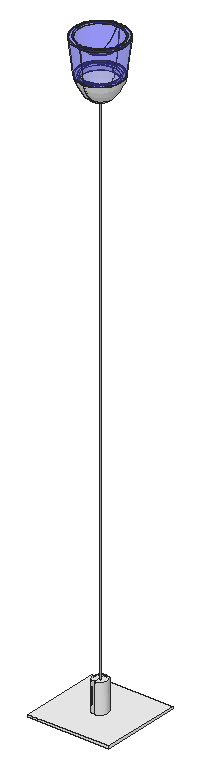
Revit family "BE_56568.1_de_DE", category Leuchten, Revit 2020
Family settings
  Basisbauteil = Fläche
  Bemaßung runder Anschluss = Durchmesser verwenden
  Teiletyp = Normal
  Beim Laden mit Abzugskörper schneiden = Ja
  Lichtquelle = Ja
  Gemeinsam genutzt = Nein
  Raumberechnungspunkt = Ja
Parameters (values of type "BEGA_56568.1_K3")
  built-in parameter 1150104 = 11.622 (stored number, unit not read)
  Wattage = 25.3 W
  Default Elevation = 0 mm
  built-in parameter 1150113 = 1 (stored number, unit not read)
  built-in parameter 1114218 = 1 (stored number, unit not read)
  Umgebungstemperatur = "25 °C"
  URL = "http://www.bega.de/de/produkt/56568.1"
  Typenkommentare = "© 2022 BEGA. Wir behalten uns das Recht vor, technische Änderungen ohne vorherige Ankündigung vorzunehmen."  # constant formula
  built-in parameter 1150134 = 12
  built-in parameter 1150109 = 1 (stored number, unit not read)
  Strom = ""
  built-in parameter 1150110 = 1 (stored number, unit not read)
  Spannung = 239.996 V
  Sonderanfertigung = no
  Seriennummer [instance] = "Hier können Sie die eindeutige Seriennummer für das Facility Management eintragen."
  Schutzklasse = "I"
  Schutzart = "IP 20"
  Scheinlast = 0 VA
  Produktdatenblatt = "http://www.bega.de/download/Xrfa/db/56568.1.db.de.pdf"
  Oberflächentemperatur = ""
  Neigungswinkel = 0.00°
  Model = "56568.1K4"
  Material_18 = BEGA_Gummi_schwarz
  Material_17 = BEGA_Reflektor
  Material_15 = BEGA_Leuchtmedium_matt
  Material_11 = BEGA_Glas_opal
  Material_10 = BEGA_Glas_matt
  Material_09 = BEGA_Glas_klar
  Material_06 = BEGA_Oberfläche_Edelstahl_gebürstet
  Material_05 = BEGA_Oberfläche_Aluminium Guss
  Material_03 = BEGA_Oberfläche_Weiss_matt
  Material_02 = BEGA_Oberfläche_Silber_matt
  Material_01 [instance] = BEGA_Oberfläche_Grafit_matt
  M_W = no
  M_G = no
  M_A = no
  Logo = 0
  built-in parameter 1114217 = 1 (stored number, unit not read)
  built-in parameter 1150139 = (empty or 0)
  built-in parameter 1150105 = 251.87 (stored number, unit not read)
  built-in parameter 1150114 = 1 (stored number, unit not read)
  Lumens = 3165.03 lm
  built-in parameter 1150115 = 1 (stored number, unit not read)
  Leuchtenlichtstrom = "2207 lm"
  Leuchtenanzahl = ""
  Lebensdauerkriterien = "L70B50 @ 25 °C = 500000 h"
  Lastklassifizierung = Beleuchtung
  built-in parameter 1150112 = 1 (stored number, unit not read)
  Lampenlichtstrom = "2830 lm"
  Lampe = "LED 17.7 W"
  LED_Modulbezeichnung = "LED-0327/940"
  Hersteller = "BEGA"  # constant formula
  Halbstreuwinkel = ""
  Gewicht = "3.6 kg"
  Gebrauchslageneinschränkung [instance] = ""
  Frequenz = "0/50-60 Hz"
  Farbwiedergabeindex = "CRI > 90"
  Farbtemperaturverschiebung bei Dämpfen der Lampe = <Keine Auswahl>
  Farbtemperatur = "4000 K"
  Color Filter = 16777215
  built-in parameter 1150133 = 10 (stored number, unit not read)
  Energieeffizienzklasse = "LED A++ - A"
  built-in parameter 1150137 = (empty or 0)
  built-in parameter 1150132 = (empty or 0)
  ENEC = "ja"
  Dimmbar [instance] = "DALI"
  Photometric Web File = "BE_56568.1K4.IES"
  CE_Konformität = "ja"
  Bestellnummer = "56568.1K4"
  Beschreibung_Sonderanfertigung = "Hier können Sie Informationen zur Sonderanfertigung eintragen."
  Beschreibung = "Pendelleuchte"
  built-in parameter 1150106 = 2.5187 (stored number, unit not read)
  Befestigungsbohrung = ""
  Befestigungsabstand = ""
  Ballwurfsicher = ""
  BEGA_Intern_aus = yes
  BEGA_Intern_an = yes
  BEGA_Intern_Konstruktion = yes
  BEGA_Intern = yes
  BEGA_IES = yes
  BEGA_Dummy = no
  Anschlussleitung = ""
  Anschlussleistung [instance] = "20 W"
  Anschlusskasten = ""
  built-in parameter 1150107 = 4000 (stored number, unit not read)
  built-in parameter 1150102 = (empty or 0)
  built-in parameter 1150138 = (empty or 0)
  Aktualisierung = "2019-07-09T04:00:12"
  Abstand_zur_angestrahlten_Fläche [instance] = ""
  AC/DC = "AC/DC"
Reference planes
  plane 1 "Mitte (Vorne/Hinten)": y = 0
  plane 2: z = 0
  plane 3 "Mitte (Links/Rechts)": x = 0
  plane 4 "Links": x = -126.649
  plane 5 "Rechts": x = 126.649
  plane 6 "Unten": y = -126.649
  plane 7 "Oben": y = 126.649
  plane 8 "Vorne": z = 3000
  plane 9 "Hinten": z = 0
Forms (mm)
  Extrusion 1, solid, material "BEGA_Platte_Weiss"
    sketch origin (0, -1119.2, 0) x (1, 0, 0) y (0, 1, 0)
      loop
        line (-200, 1319.2) -> (-200, 919.2) -> (200, 919.2) -> (200, 1319.2) -> (-200, 1319.2)
    from 0 to -10
  Extrusion 2, solid, material "BEGA_Dummy_matt", visible <- "BEGA_Dummy"
    sketch origin (77.149, -76.023, 0) x (1, 0, 0) y (0, 1, 0)
      loop
        circle (-77.149, 76.023) r 126.655
    from 0 to 3000
Dimensions and locks
  plane 1 "Mitte (Vorne/Hinten)" to Extrusion 1 = 200 mm
  aligned and locked: plane 2 to Extrusion 1
  aligned and locked: level to Extrusion 1
Nested families
  nested 1: "BE_56568.1" at (0, 0, 0), type "BE_56568.1"
Connectors
  electrical at (0, 0, 0), driven by "Lastklassifizierung", driven by "Spannung", driven by "Scheinlast"
    settings: index 1, voltage 239.996 V, apparent load 0 VA, apparent load phase1 0 VA, apparent load phase2 0 VA, apparent load phase3 0 VA, power factor 1, load classification "Beleuchtung", number of poles 1, system type 31, power factor state 1, is connector primary yes, connector utility no, sub classification motor no, connector description ""
Definition of nested family "BE_56568.1"
  Parameters (values of type "BE_56568.1")
    Default Elevation = 1 mm
    URL = "http://www.bega.de/de/produkt"
    Type Comments = "© 2015 BEGA. Wir behalten uns das Recht vor, technische Änderungen ohne vorherige Ankündigung vorzunehmen. "  # constant formula
    Type Image = (empty or 0)
    Neigungswinkel_um_Z2 = 0.00°
    Neigungswinkel_um_Z1 = 0.00°
    Neigungswinkel_um_Y2 = 0.00°
    Neigungswinkel_um_Y1 = 0.00°
    Neigungswinkel_um_X2 = 0.00°
    Neigungswinkel_um_X1 = 0.00°
    Material_18 = none
    Material_17 = none
    Material_15 = none
    Material_11 = none
    Material_10 = none
    Material_09 = none
    Material_06 = none
    Material_05 = none
    Material_03 = none
    Material_02 = none
    Material_01 = none
    M_W = yes
    M_G = yes
    M_A = yes
    Länge_Platte = 300 mm  # constant formula
    Höhe_Platte = -10 mm  # constant formula
    Manufacturer = "BEGA"  # constant formula
    Drehwinkel_um_Z2 = 0.00°
    Drehwinkel_um_Z1 = 0.00°
    Breite_Platte = 300 mm  # constant formula
  Reference planes
    plane 1 "Mitte (Oben/Unten)": y = 0
    plane 2: z = 0
    plane 3 "Mitte (Links/Rechts)": x = 0
    plane 4: z = 3000
    plane 5: y = 126.649
    plane 6: y = -126.649
    plane 7: x = -126.649
    plane 8: x = 126.649
  Forms (mm)
    Extrusion 1, solid, detail levels medium
      sketch origin (0, 0, 0) x (1, 0, 0) y (0, 1, 0)
        loop
          line (-150, 150) -> (-150, -150) -> (150, -150) -> (150, 150) -> (-150, 150)
      from 0 to -10 <- "Höhe_Platte"
    Revolve 2, solid, material <- "Material_03", detail levels medium+fine
      sketch origin (0, 0, 0) x (0, 1, 0) y (0, 0, 1)
        loop
          line (-36.248, 0.5) -> (-34, 0.5) -> (-34, 2.676) -> (-32.481, 2.729) -> (-31.3, 138.025)
          arc (-31.3, 138.025) -> (-30.705, 139.423) -> (-29.3, 140) r 2
          line (-29.3, 140) -> (0, 140) -> (0, 143.501)
          arc (0, 143.501) -> (-17.512, 143.245) -> (-35.009, 142.479) r 600
          line (-35.009, 142.479) -> (-36.248, 0.5)
        axis (0, 0.5) -> (0, 143.501)
      angle from 0 to 360
    Revolve 3, solid, material <- "Material_05", detail levels medium+fine
      sketch origin (0, 0, 0) x (0, 1, 0) y (0, 0, 1)
        loop
          line (-32.14, 2) -> (-32.175, 1) -> (-33.765, 1) -> (-33.8, 0) -> (0, 0) -> (0, 2) -> (-32.14, 2)
        axis (0, 0) -> (0, 2)
      angle from 0 to 360
    Extrusion 4, void
      sketch origin (0, 0, 0) x (1, 0, 0) y (0, 1, 0)
        loop
          arc (-9.887, 12.652) -> (-16.053, -0.003) -> (-9.876, -12.652) r 16.053
          line (-9.876, -12.652) -> (9.484, -12.652)
          arc (9.484, -12.652) -> (15.815, -0.003) -> (9.495, 12.652) r 15.815
          line (9.495, 12.652) -> (-9.887, 12.652)
        loop
          circle (-0.016, 25) r 2.25
        loop
          circle (-0.016, -25) r 2.25
      from 0 to 3.541
    Revolve 5, solid, material <- "Material_11", detail levels medium+fine
      sketch origin (0, 0, 0) x (0, 1, 0) y (0, 0, 1)
        loop
          arc (-126.649, 2993.73) -> (-120.126, 2910.345) -> (-105.38, 2828.015) r 843.787
          arc (-105.38, 2828.015) -> (-105.045, 2827.51) -> (-104.48, 2827.291) r 1
          line (-104.48, 2827.291) -> (-89.395, 2826.5) -> (-84, 2799.5) -> (-79, 2799.5) -> (-79, 2824.325)
          arc (-79, 2824.325) -> (-80.934, 2829.15) -> (-85.661, 2831.311) r 7
          line (-85.661, 2831.311) -> (-102.23, 2832.18)
          arc (-102.23, 2832.18) -> (-116.42, 2912.904) -> (-122.674, 2994.627) r 839.787
          arc (-122.674, 2994.627) -> (-122.194, 2995.605) -> (-121.179, 2996) r 1.5
          line (-121.179, 2996) -> (-108.528, 2996)
          arc (-108.528, 2996) -> (-106.905, 2995.52) -> (-105.799, 2994.237) r 3
          arc (-105.799, 2994.237) -> (-62.948, 2944.539) -> (0, 2926) r 116.138
          line (0, 2926) -> (0, 2930)
          arc (0, 2930) -> (-60.527, 2947.738) -> (-101.905, 2995.339) r 112.138
          arc (-101.905, 2995.339) -> (-104.863, 2998.735) -> (-109.181, 3000) r 8
          line (-109.181, 3000) -> (-120.655, 3000)
          arc (-120.655, 3000) -> (-124.992, 2998.147) -> (-126.649, 2993.73) r 6.001
        axis (0, 2799.5) -> (0, 3000)
      angle from 0 to 360
    Revolve 6, solid, material <- "Material_03", detail levels medium+fine
      sketch origin (0, 0, 0) x (0, 1, 0) y (0, 0, 1)
        loop
          line (-3.7, 2712.069) -> (0, 2712.069) -> (0, 2715.881)
          arc (0, 2715.881) -> (-32.242, 2723.778) -> (-58.476, 2744.117) r 79.749
          arc (-58.476, 2744.117) -> (-84.146, 2782.487) -> (-100.65, 2825.6) r 206.504
          line (-100.65, 2825.6) -> (-104.78, 2825.6)
          arc (-104.78, 2825.6) -> (-87.936, 2781.108) -> (-61.532, 2741.535) r 210.504
          arc (-61.532, 2741.535) -> (-35.586, 2720.972) -> (-3.7, 2712.069) r 83.749
        axis (0, 2712.069) -> (0, 2825.6)
      angle from 0 to 360
    Revolve 7, solid, material <- "Material_03", detail levels medium+fine
      sketch origin (0, 0, 0) x (0, 1, 0) y (0, 0, 1)
        loop
          line (-2.51, 118.995) -> (0, 118.995) -> (0, 2746.921) -> (-2.51, 2746.921) -> (-2.51, 118.995)
        axis (0, 2746.921) -> (0, 118.995)
      angle from 0 to 360
  Cuts and joins
    Extrusion 4 cuts Revolve 3
  Dimensions and locks
    equal spacing: Extrusion 1 sketch curve, plane 3 "Mitte (Links/Rechts)", Extrusion 1 sketch curve
    equal spacing: Extrusion 1 sketch curve, plane 1 "Mitte (Oben/Unten)", Extrusion 1 sketch curve
    "Länge_Platte": Extrusion 1 sketch curve to Extrusion 1 sketch curve
    "Breite_Platte": Extrusion 1 sketch curve to Extrusion 1 sketch curve
    aligned and locked: Extrusion 1 to plane 2
    aligned and locked: level to Extrusion 1
  Automatic sketch dimensions
    Revolve 3 sketch curve to plane 1 "Mitte (Oben/Unten)" = 0 mm  (x2)
    Revolve 3 sketch curve to level = 0 mm  (x2)
    plane 1 "Mitte (Oben/Unten)" to Revolve 3 sketch curve = 32.14 mm
    Revolve 3 sketch curve to Revolve 3 sketch curve = 2.125 mm
    Revolve 3 sketch curve to Revolve 3 sketch curve = 0.035 mm  (x2)
    Revolve 3 sketch curve to Revolve 3 sketch curve = 1.59 mm
    level to Revolve 3 sketch curve = 1 mm
    Revolve 3 sketch curve to Revolve 3 sketch curve = 2 mm
    Extrusion 4 sketch curve to Extrusion 4 sketch curve = 0 mm  (x2)
    Extrusion 4 sketch curve to plane 3 "Mitte (Links/Rechts)" = 0 mm
    Extrusion 4 sketch curve to plane 3 "Mitte (Links/Rechts)" = 0.016 mm  (x2)
    Extrusion 4 sketch curve to plane 3 "Mitte (Links/Rechts)" = 9.876 mm
    Extrusion 4 sketch curve to plane 3 "Mitte (Links/Rechts)" = 9.887 mm
    plane 3 "Mitte (Links/Rechts)" to Extrusion 4 sketch curve = 9.484 mm
    plane 1 "Mitte (Oben/Unten)" to Extrusion 4 sketch curve = 25 mm
    Extrusion 4 sketch curve to plane 1 "Mitte (Oben/Unten)" = 0.004 mm
    Extrusion 4 sketch curve to Extrusion 4 sketch curve = 12.348 mm
    plane 1 "Mitte (Oben/Unten)" to Extrusion 4 sketch curve = 12.652 mm
    Revolve 2 sketch curve to plane 1 "Mitte (Oben/Unten)" = 0 mm  (x2)
    plane 1 "Mitte (Oben/Unten)" to Revolve 2 sketch curve = 29.3 mm
    Revolve 2 sketch curve to Revolve 2 sketch curve = 2 mm
    level to Revolve 2 sketch curve = 2.729 mm
    plane 1 "Mitte (Oben/Unten)" to Revolve 2 sketch curve = 32.481 mm
    Revolve 2 sketch curve to Revolve 2 sketch curve = 1.52 mm
    Revolve 2 sketch curve to Revolve 2 sketch curve = 3.709 mm
    level to Revolve 2 sketch curve = 0.5 mm
    Revolve 2 sketch curve to Revolve 2 sketch curve = 2.248 mm
    Revolve 2 sketch curve to level = 456.499 mm
    Revolve 2 sketch curve to Revolve 2 sketch curve = 0.053 mm
    Revolve 2 sketch curve to Revolve 2 sketch curve = 135.271 mm
    Revolve 2 sketch curve to Revolve 2 sketch curve = 0.025 mm
    Revolve 2 sketch curve to Revolve 2 sketch curve = 0 mm  (x4)
    Revolve 2 sketch curve to Revolve 2 sketch curve = 4.454 mm
    Revolve 2 sketch curve to Revolve 2 sketch curve = 46.562 mm
    Revolve 7 sketch curve to plane 1 "Mitte (Oben/Unten)" = 0 mm  (x2)
    Revolve 7 sketch curve to Revolve 7 sketch curve = 2.51 mm
    level to Revolve 7 sketch curve = 118.995 mm
    Revolve 7 sketch curve to Revolve 7 sketch curve = 50 mm
    Revolve 7 sketch curve to Revolve 7 sketch curve = 1452.926 mm
    Revolve 6 sketch curve to Revolve 6 sketch curve = 0 mm  (x5)
    Revolve 6 sketch curve to plane 1 "Mitte (Oben/Unten)" = 0 mm  (x2)
    plane 1 "Mitte (Oben/Unten)" to Revolve 6 sketch curve = 3.7 mm
    Revolve 6 sketch curve to Revolve 6 sketch curve = 4.13 mm
    Revolve 6 sketch curve to plane 1 "Mitte (Oben/Unten)" = 2.435 mm
    Revolve 6 sketch curve to Revolve 6 sketch curve = 3.812 mm
    Revolve 6 sketch curve to Revolve 6 sketch curve = 79.711 mm
    Revolve 6 sketch curve to Revolve 6 sketch curve = 30.008 mm
    Revolve 6 sketch curve to Revolve 6 sketch curve = 81.816 mm
    Revolve 6 sketch curve to Revolve 6 sketch curve = 26.188 mm
    level to Revolve 6 sketch curve = 2712.069 mm
    Revolve 7 sketch curve to Revolve 7 sketch curve = 2627.926 mm
    Revolve 5 sketch curve to Revolve 5 sketch curve = 0 mm  (x6)
    Revolve 5 sketch curve to plane 1 "Mitte (Oben/Unten)" = 0 mm  (x2)
    Revolve 5 sketch curve to Revolve 5 sketch curve = 5 mm
    Revolve 5 sketch curve to Revolve 5 sketch curve = 6.661 mm
    Revolve 5 sketch curve to Revolve 5 sketch curve = 0.339 mm
    Revolve 5 sketch curve to Revolve 5 sketch curve = 3.395 mm
    Revolve 5 sketch curve to Revolve 5 sketch curve = 12.835 mm
    Revolve 5 sketch curve to Revolve 5 sketch curve = 2.189 mm
    Revolve 5 sketch curve to Revolve 5 sketch curve = 0.061 mm
    Revolve 5 sketch curve to plane 4 = 4 mm
    Revolve 5 sketch curve to Revolve 5 sketch curve = 0.004 mm
    Revolve 5 sketch curve to Revolve 5 sketch curve = 0.648 mm
    Revolve 5 sketch curve to Revolve 5 sketch curve = 0.525 mm
    plane 4 to Revolve 5 sketch curve = 17.762 mm
    Revolve 5 sketch curve to Revolve 5 sketch curve = 0.001 mm
    Revolve 5 sketch curve to Revolve 5 sketch curve = 1.5 mm
    Revolve 5 sketch curve to Revolve 5 sketch curve = 0.5 mm
    Revolve 5 sketch curve to Revolve 5 sketch curve = 3 mm
    Revolve 5 sketch curve to Revolve 5 sketch curve = 1 mm
    Revolve 5 sketch curve to plane 4 = 70 mm
    Revolve 5 sketch curve to Revolve 5 sketch curve = 4 mm
    Revolve 5 sketch curve to Revolve 5 sketch curve = 93.821 mm
    Revolve 5 sketch curve to Revolve 5 sketch curve = 0.868 mm
    Revolve 5 sketch curve to Revolve 5 sketch curve = 3.891 mm
    Revolve 5 sketch curve to Revolve 5 sketch curve = 0.998 mm
    Revolve 5 sketch curve to Revolve 5 sketch curve = 4.811 mm
    Revolve 5 sketch curve to Revolve 5 sketch curve = 6.986 mm
    Revolve 5 sketch curve to Revolve 5 sketch curve = 24.819 mm
    plane 4 to Revolve 5 sketch curve = 0 mm
    plane 4 to Revolve 5 sketch curve = 42.138 mm
    Revolve 5 sketch curve to plane 4 = 4.661 mm
    Revolve 5 sketch curve to Revolve 5 sketch curve = 0.005 mm
    Revolve 5 sketch curve to Revolve 5 sketch curve = 0.961 mm
    Revolve 5 sketch curve to Revolve 5 sketch curve = 2.733 mm
    Revolve 5 sketch curve to Revolve 5 sketch curve = 1.495 mm
    Revolve 5 sketch curve to Revolve 5 sketch curve = 36 mm
    Revolve 5 sketch curve to plane 1 "Mitte (Oben/Unten)" = 716.794 mm
    Revolve 6 sketch curve to plane 1 "Mitte (Oben/Unten)" = 99.249 mm
    plane 1 "Mitte (Oben/Unten)" to Revolve 5 sketch curve = 102.23 mm
    Revolve 5 sketch curve to Revolve 5 sketch curve = 6.618 mm
    Revolve 5 sketch curve to Revolve 5 sketch curve = 11.474 mm
    Revolve 6 sketch curve to Revolve 6 sketch curve = 42.174 mm
    radius of Extrusion 4 sketch curve = 2.25 mm  (x2)
